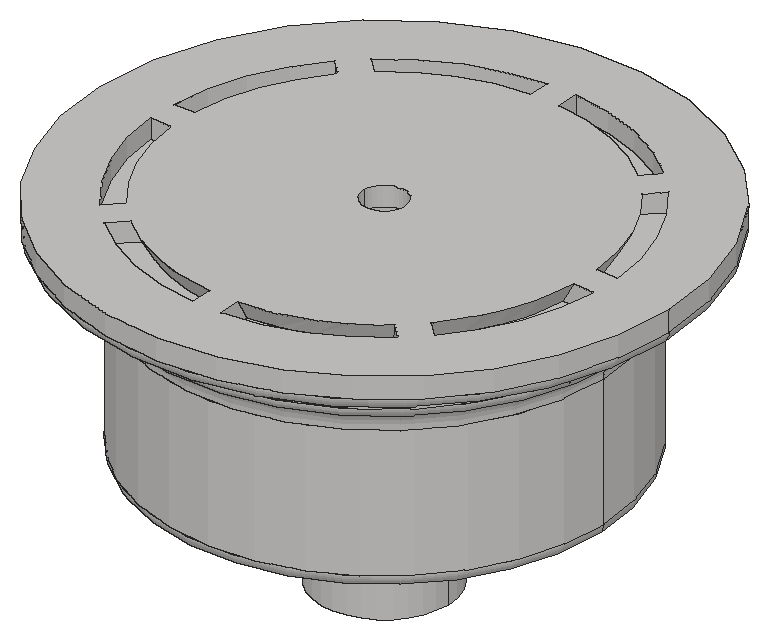
Revit family
Parameters (values of type "9620-RF-2"")
  Width = 10"
  Waste Connection Radius = 1"
  Waste Connection Diameter = Waste Connection Radius * 2  # 2"
  Waste Connection = yes
  Vent Connection = no
  URL = "www.jrsmith.com"
  Price = "Prices may vary. Please consult Manufacturer Representative for most up-to-date price list."  # constant formula
  Phone Number = "416-250-5656"  # constant formula
  Omniclass Table 23 Title = "Waste Water Drains"  # constant formula
  Omniclass Table 23 Code = "23.70.50.21.24"  # constant formula
  Model = "9620-RF-2\""
  Material = Metal-Jay R Smith-Stainless Steel
  Masterformat Title = "Sanitary Drains"  # constant formula
  Masterformat Number = "22 13 19.13"  # constant formula
  Manufacturer = "Jay R. Smith"
  Length = Width  # 10"
  Height = 6"
  HW Connection = no
  Description = "10\" Round top special purpose floor drain with heavy duty rim flow grate."
  Default Elevation = 0"
  Creation Date = "27/10/2014"  # constant formula
  Created By = "Allied Technical Services"  # constant formula
  CW Connection = no
  Assembly Code = "D2030300"
  ATS URL = "http://www.atsspec.net"
Types (7): name | Waste Connection Radius | Waste Connection Diameter | Model | Height
  (no name) | 1" | 2" | "9620-RF-2\"" | 6"
  9620-RF-2" | 1" | 2" | "9620-RF-2\"" | 6"
  9620-RF-3" | 1 1/2" | 3" | "9620-RF-3\"" | 6"
  9620-RF-4" | 2" | 4" | "9620-RF-4\"" | 6"
  9621-RF-2" | 1" | 2" | "9621-RF-2\"" | 8"
  9621-RF-3" | 1 1/2" | 3" | "9621-RF-3\"" | 8"
  9621-RF-4" | 2" | 4" | "9621-RF-4\"" | 8"
Reference planes (in)
  plane 1 "Center (Front/Back)": y = 0
  plane 2: z = 0
  plane 3 "Center (Left/Right)": x = 0
  plane 4: x = -5
  plane 5: x = 5
  plane 6: z = 6
  plane 7: z = 2
  plane 8: x = -1
  plane 9: x = 1
  plane 10: z = 5.4312
  plane 11: z = 5.66937
Forms (in)
  Revolve 1, solid, material "Metal-Jay R Smith-Stainless Steel" <- "Material"
    sketch origin (0, 0, 0) x (1, 0, 0) y (0, 0, 1)
      loop
        line (-5, 6) -> (-5, 5.64194)
        arc (-5, 5.64194) -> (-4.93828, 5.49293) -> (-4.78926, 5.4312) r 0.21074
        line (-4.78926, 5.4312) -> (-4.26404, 5.4312) -> (-4.26404, 5.07734)
        arc (-4.26404, 5.07734) -> (-4.22877, 4.96877) -> (-4.13643, 4.90164) r 0.18476
        arc (-4.13643, 4.90164) -> (-3.93022, 4.75175) -> (-3.85146, 4.50929) r 0.41258
        line (-3.85146, 4.50929) -> (-3.85146, 2.21875)
        arc (-3.85146, 2.21875) -> (-3.78739, 2.06407) -> (-3.63271, 2) r 0.21875
        line (-3.63271, 2) -> (-1.125, 2) -> (-1.125, 0) -> (-1, 0) -> (-1, 5.66937) -> (-0.3652, 5.66937) -> (-0.3652, 6) -> (-3.5352, 6) -> (-3.34432, 5.66937) -> (-3.9102, 5.66937) -> (-3.9102, 6) -> (-5, 6)
      axis (0, 6) -> (0, 0)
    angle from 0 to 360
  Extrusion 2, solid, material "Metal-Jay R Smith-Stainless Steel" <- "Material"
    sketch origin (-1, 0, 0) x (1, 0, 0) y (0, 1, 0)
      loop
        line (0.75, -3.10047) -> (0.75, -3.9022)
        arc (0.75, -3.9022) -> (1, -3.9102) -> (1.25, -3.9022) r 3.9102
        line (1.25, -3.9022) -> (1.25, -3.10047) -> (0.75, -3.10047)
      loop
        line (0.75, 3.10047) -> (1.25, 3.10047) -> (1.25, 3.9022)
        arc (1.25, 3.9022) -> (1, 3.9102) -> (0.75, 3.9022) r 3.9102
        line (0.75, 3.9022) -> (0.75, 3.10047)
      loop
        line (-1.36914, -2.01559) -> (-1.93605, -2.5825)
        arc (-1.93605, -2.5825) -> (-1.76493, -2.76493) -> (-1.5825, -2.93605) r 3.9102
        line (-1.5825, -2.93605) -> (-1.01559, -2.36914) -> (-1.36914, -2.01559)
      loop
        line (3.01559, 2.36914) -> (3.36914, 2.01559) -> (3.93605, 2.5825)
        arc (3.93605, 2.5825) -> (3.76493, 2.76493) -> (3.5825, 2.93605) r 3.9102
        line (3.5825, 2.93605) -> (3.01559, 2.36914)
      loop
        line (3.36914, -2.01559) -> (3.01559, -2.36914) -> (3.5825, -2.93605)
        arc (3.5825, -2.93605) -> (3.76493, -2.76493) -> (3.93605, -2.5825) r 3.9102
        line (3.93605, -2.5825) -> (3.36914, -2.01559)
      loop
        line (-1.01559, 2.36914) -> (-1.5825, 2.93605)
        arc (-1.5825, 2.93605) -> (-1.76493, 2.76493) -> (-1.93605, 2.5825) r 3.9102
        line (-1.93605, 2.5825) -> (-1.36914, 2.01559) -> (-1.01559, 2.36914)
      loop
        line (-2.10047, 0.25) -> (-2.9022, 0.25)
        arc (-2.9022, 0.25) -> (-2.9102, 0) -> (-2.9022, -0.25) r 3.9102
        line (-2.9022, -0.25) -> (-2.10047, -0.25) -> (-2.10047, 0.25)
      loop
        line (4.10047, 0.25) -> (4.10047, -0.25) -> (4.9022, -0.25)
        arc (4.9022, -0.25) -> (4.9102, 0) -> (4.9022, 0.25) r 3.9102
        line (4.9022, 0.25) -> (4.10047, 0.25)
    from 5.4312 to 6
Cuts and joins
  joined: Revolve 1, Extrusion 2
Dimensions and locks (in)
  "Height": plane 6 to plane 2
  "Waste Connection Diameter": plane 9 to plane 8
  "Width": plane 5 to plane 4
  plane 7 to level = 2"
  equal spacing: plane 9, plane 3 "Center (Left/Right)", plane 8
  equal spacing: plane 5, plane 3 "Center (Left/Right)", plane 4
  locked: plane 8 to Revolve 1 sketch curve at 0.125
  locked: Revolve 1 sketch curve to plane 4 at 1.0898
  locked: Revolve 1 sketch curve to plane 4 at 1.65568
  plane 6 to plane 7 = 4"
  locked: plane 6 to plane 10 at 0.5688
  locked: plane 11 to plane 10 at 0.23817
  locked: Revolve 1 sketch curve to plane 6 (angle 60.00°)
  aligned and locked: plane 8 to Revolve 1 sketch curve
  aligned and locked: Revolve 1 sketch curve to plane 6  (x2)
  aligned and locked: Revolve 1 sketch curve to Revolve 1 sketch curve
  aligned and locked: Revolve 1 sketch curve to plane 11
  aligned and locked: plane 10 to Revolve 1 sketch curve
  aligned and locked: cut or joined group of Revolve 1, Extrusion 2 to plane 10
  aligned and locked: plane 6 to cut or joined group of Revolve 1, Extrusion 2
Automatic sketch dimensions
  Extrusion 2 sketch curve to Extrusion 2 sketch curve = 0"  (x58)
  plane 5 to Extrusion 2 sketch curve = 8.9022"
  Extrusion 2 sketch curve to Extrusion 2 sketch curve = 0.80173"  (x4)
  Extrusion 2 sketch curve to Extrusion 2 sketch curve = 0.16442"  (x2)
  Extrusion 2 sketch curve to Extrusion 2 sketch curve = 0.35355"  (x8)
  Extrusion 2 sketch curve to Extrusion 2 sketch curve = 0.56691"  (x4)
  plane 1 "Center (Front/Back)" to Extrusion 2 sketch curve = 2.36914"
  Extrusion 2 sketch curve to Extrusion 2 sketch curve = 1.76559"  (x8)
  Extrusion 2 sketch curve to Extrusion 2 sketch curve = 1/4"
  Extrusion 2 sketch curve to Extrusion 2 sketch curve = 1/2"  (x2)
  plane 1 "Center (Front/Back)" to Extrusion 2 sketch curve = 2.5825"
  Extrusion 2 sketch curve to Extrusion 2 sketch curve = 0.73133"  (x3)
  Extrusion 2 sketch curve to Extrusion 2 sketch curve = 0.21336"
  Revolve 1 sketch curve to plane 4 = 0"
  Revolve 1 sketch curve to plane 7 = 0"
  Revolve 1 sketch curve to plane 3 "Center (Left/Right)" = 0"
  Revolve 1 sketch curve to level = 0"
  plane 4 to Revolve 1 sketch curve = 0.21074"
  Revolve 1 sketch curve to Revolve 1 sketch curve = 0.35384"
  Revolve 1 sketch curve to Revolve 1 sketch curve = 0"  (x2)
  Revolve 1 sketch curve to Revolve 1 sketch curve = 0.12761"
  Revolve 1 sketch curve to Revolve 1 sketch curve = 0.05715"
  plane 7 to Revolve 1 sketch curve = 7/32"
  Revolve 1 sketch curve to plane 3 "Center (Left/Right)" = 0.3652"
  Revolve 1 sketch curve to level = 2 1/2"
  Revolve 1 sketch curve to Revolve 1 sketch curve = 0.64812"
  Revolve 1 sketch curve to plane 10 = 0.92191"
Connectors (in)
  piping at (0, 0, 0), driven by "Waste Connection Radius"
    settings: on cut or joined group of Revolve 1, Extrusion 2, index 1
